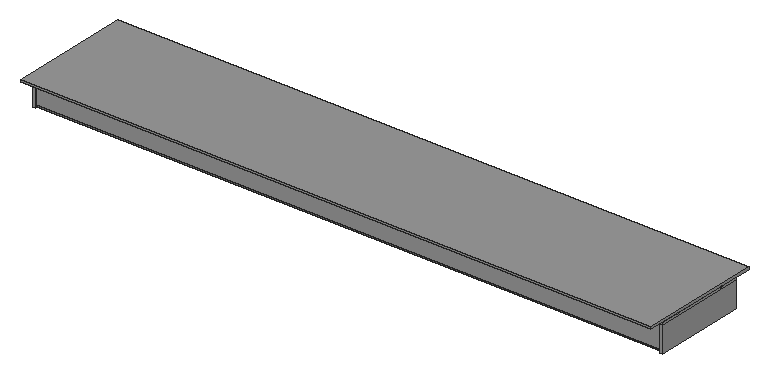
Revit family "Berica 2.2 M", category Lighting Fixtures, Revit 2020 (continued)
Definition of nested family "Light Source Berica 2.2"
  Types (4, lengths in mm): name | Photometric Web File | built-in parameter 1150142
       103.48 118.07 134.73 152.03 \r\n172.85 195.28 233.13 280.79 324.20 364.41 401.98 432.56 \r\n470.30 514.48 560.80 610.23 654.72 698.28 737.81 771.79 \r\n804.48 838.17 873.26 909.32 941.89 975.91 1007.88 1041.10 \r\n1073.54 1106.26 1136.67 1168.88 1199.10 1230.37 1263.12 \r\n1293.16 1321.84 1346.90 1374.25 1397.68 1422.01 1444.60 \r\n1466.87 1484.98 1498.67 1509.52 1518.34 1523.51 \r\n1523.51 1517.70 1509.34 1496.71 1480.32 1460.70 1436.52 \r\n1410.82 1384.98 1358.58 1331.18 1300.33 1272.08 1235.39 \r\n1206.19 1170.78 1138.96 1104.41 1072.04 1037.48 1007.64 \r\n974.27 939.60 903.39 866.14 835.20 800.10 767.70 724.48 \r\n678.83 630.87 583.01 531.20 484.01 445.41 412.79 369.80 \r\n323.61 278.09 221.93 189.48 167.02 148.46 129.54 114.36 \r\n99.57 88.39 77.67 68.59 59.62 52.47 46.67 41.41 36.64 \r\n32.44 28.14 23.27 19.25 14.37 10.23 5.48 0.72 0.16 0.11 \r\n0.07 0.06 0.06 0.06 0.06 0.06 0.06 0.06 0.06 0.06 0.06 \r\n0.06 0.06 0.06 0.06 0.06 0.06 0.06 0.06 0.07 0.07 0.07 \r\n0.07 0.07 0.07 0.07 0.07 0.07 0.07 0.07 0.07 0.07 0.07 \r\n0.07 0.06 0.06 0.06 0.06 0.06 0.06 0.06 0.06 0.06 0.06 \r\n0.06 0.06 0.06 0.06 0.06 0.06 0.06 0.06 0.07 0.11 0.16 \r\n0.72 5.48 10.23 14.37 19.25 23.27 28.14 32.44 36.64 41.41 \r\n46.67 52.47 59.62 68.59 77.67 88.39 99.57 114.36 129.54 \r\n148.46 167.02 189.48 221.93 278.09 323.61 369.80 412.79 \r\n445.41 484.01 531.20 583.01 630.87 678.83 724.48 767.70 \r\n800.10 835.20 866.14 903.39 939.60 974.27 1007.64 1037.48 \r\n1072.04 1104.41 1138.96 1170.78 1206.19 1235.39 1272.08 \r\n1300.33 1331.18 1358.58 1384.98 1410.82 1436.52 1460.70 \r\n1480.32 1496.71 1509.34 1517.70 1523.51 \r\n1523.51 1516.69 1507.02 1494.44 1477.06 1455.14 1427.95 \r\n1401.16 1373.98 1342.91 1315.28 1282.36 1250.14 1216.23 \r\n1181.32 1146.19 1113.20 1079.82 1045.27 1012.25 976.62 \r\n940.62 905.00 868.13 835.14 804.13 762.89 720.74 666.88 \r\n618.32 565.12 512.82 470.81 434.14 392.02 344.66 288.90 \r\n237.14 194.58 170.15 150.91 132.64 115.84 101.83 89.14 \r\n79.26 69.70 61.03 53.78 48.12 43.04 38.13 34.03 29.71 \r\n25.19 21.04 16.61 12.11 7.66 2.49 0.19 0.13 0.08 0.06 \r\n0.05 0.05 0.05 0.05 0.05 0.05 0.05 0.05 0.05 0.05 0.05 \r\n0.05 0.05 0.05 0.05 0.05 0.05 0.06 0.06 0.06 0.06 0.06 \r\n0.06 0.06 0.06 0.06 0.06 0.06 0.06 0.06 0.06 0.06 0.06 \r\n0.06 0.06 0.06 0.05 0.05 0.05 0.05 0.05 0.05 0.05 0.05 \r\n0.05 0.05 0.05 0.05 0.05 0.05 0.05 0.05 0.05 0.06 0.08 \r\n0.13 0.19 2.49 7.66 12.11 16.61 21.04 25.19 29.71 34.03 \r\n38.13 43.04 48.12 53.78 61.03 69.70 79.26 89.14 101.83 \r\n115.84 132.64 150.91 170.15 194.58 237.14 288.90 344.66 \r\n392.02 434.14 470.81 512.82 565.12 618.32 666.88 720.74 \r\n762.89 804.13 835.14 868.13 905.00 940.62 976.62 1012.25 \r\n1045.27 1079.82 1113.20 1146.19 1181.32 1216.23 1250.14 \r\n1282.36 1315.28 1342.91 1373.98 1401.16 1427.95 1455.14 \r\n1477.06 1494.44 1507.02 1516.69 1523.51 \r\n1523.51 1516.65 1505.48 1492.62 1473.05 1448.96 1419.90 \r\n1393.17 1362.78 1334.94 1299.28 1267.34 1231.28 1194.99 \r\n1159.22 1125.63 1087.93 1056.77 1021.33 985.34 948.15 \r\n910.78 875.80 841.23 811.30 768.82 720.37 667.88 616.78 \r\n559.15 504.72 466.46 426.63 377.43 325.22 264.27 210.85 \r\n181.95 158.44 140.60 121.58 107.76 93.79 83.46 73.58 \r\n65.22 57.06 50.76 45.16 40.69 36.48 32.38 28.14 23.48 \r\n19.49 15.17 10.82 6.05 1.10 0.15 0.11 0.07 0.06 0.05 0.05 \r\n0.05 0.05 0.05 0.05 0.05 0.05 0.05 0.05 0.05 0.06 0.06 \r\n0.06 0.06 0.06 0.06 0.06 0.06 0.06 0.06 0.07 0.07 0.07 \r\n0.07 0.07 0.07 0.07 0.07 0.07 0.07 0.07 0.07 0.07 0.06 \r\n0.06 0.06 0.06 0.06 0.06 0.06 0.06 0.06 0.06 0.05 0.05 \r\n0.05 0.05 0.05 0.05 0.05 0.05 0.05 0.05 0.05 0.06 0.07 \r\n0.11 0.15 1.10 6.05 10.82 15.17 19.49 23.48 28.14 32.38 \r\n36.48 40.69 45.16 50.76 57.06 65.22 73.58 83.46 93.79 \r\n107.76 121.58 140.60 158.44 181.95 210.85 264.27 325.22 \r\n377.43 426.63 466.46 504.72 559.15 616.78 667.88 720.37 \r\n768.82 811.30 841.23 875.80 910.78 948.15 985.34 1021.33 \r\n1056.77 1087.93 1125.63 1159.22 1194.99 1231.28 1267.34 \r\n1299.28 1334.94 1362.78 1393.17 1419.90 1448.96 1473.05 \r\n1492.62 1505.48 1516.65 1523.51 \r\n1523.51 1515.91 1505.93 1490.45 1469.80 1443.18 1413.03 \r\n1384.64 1354.41 1324.05 1287.79 1253.80 1217.73 1183.22 \r\n1142.89 1108.13 1070.23 1036.95 1000.22 964.63 927.34 \r\n889.50 857.42 821.38 783.94 730.71 678.47 619.49 562.97 \r\n509.77 470.92 427.07 374.49 325.30 253.92 207.28 175.50 \r\n154.50 134.93 118.24 103.28 91.80 80.95 71.68 63.35 55.49 \r\n49.80 44.45 39.92 35.75 31.82 27.39 23.42 18.85 14.86 \r\n10.29 5.74 0.76 0.15 0.10 0.07 0.06 0.06 0.06 0.06 0.06 \r\n0.06 0.06 0.06 0.06 0.06 0.06 0.06 0.06 0.07 0.07 0.07 \r\n0.07 0.08 0.08 0.08 0.08 0.08 0.09 0.09 0.09 0.09 0.09 \r\n0.09 0.09 0.10 0.09 0.09 0.09 0.09 0.09 0.09 0.09 0.08 \r\n0.08 0.08 0.08 0.08 0.07 0.07 0.07 0.07 0.06 0.06 0.06 \r\n0.06 0.06 0.06 0.06 0.06 0.06 0.06 0.06 0.06 0.06 0.07 \r\n0.10 0.15 0.76 5.74 10.29 14.86 18.85 23.42 27.39 31.82 \r\n35.75 39.92 44.45 49.80 55.49 63.35 71.68 80.95 91.80 \r\n103.28 118.24 134.93 154.50 175.50 207.28 253.92 325.30 \r\n374.49 427.07 470.92 509.77 562.97 619.49 678.47 730.71 \r\n783.94 821.38 857.42 889.50 927.34 964.63 1000.22 1036.95 \r\n1070.23 1108.13 1142.89 1183.22 1217.73 1253.80 1287.79 \r\n1324.05 1354.41 1384.64 1413.03 1443.18 1469.80 1490.45 \r\n1505.93 1515.91 1523.51 \r\n1523.51 1516.60 1504.15 1489.48 1467.16 1438.02 1408.53 \r\n1379.36 1347.65 1314.20 1277.16 1242.93 1205.06 1167.61 \r\n1129.65 1090.84 1056.42 1019.40 984.59 944.83 908.12 \r\n870.22 840.30 799.83 750.49 699.85 642.04 580.25 519.97 \r\n482.52 438.53 384.25 330.38 262.42 205.22 177.00 153.39 \r\n135.07 117.05 103.49 90.94 80.77 71.30 62.78 55.23 49.48 \r\n44.62 39.91 35.81 31.82 27.74 23.29 19.48 15.28 10.86 \r\n5.99 0.86 0.15 0.10 0.08 0.06 0.06 0.06 0.06 0.06 0.06 \r\n0.06 0.06 0.07 0.07 0.07 0.08 0.08 0.08 0.09 0.09 0.10 \r\n0.10 0.11 0.12 0.12 0.13 0.13 0.14 0.14 0.15 0.15 0.16 \r\n0.16 0.16 0.16 0.16 0.16 0.16 0.15 0.15 0.14 0.14 0.13 \r\n0.13 0.12 0.12 0.11 0.10 0.10 0.09 0.09 0.08 0.08 0.08 \r\n0.07 0.07 0.07 0.06 0.06 0.06 0.06 0.06 0.06 0.06 0.06 \r\n0.08 0.10 0.15 0.86 5.99 10.86 15.28 19.48 23.29 27.74 \r\n31.82 35.81 39.91 44.62 49.48 55.23 62.78 71.30 80.77 \r\n90.94 103.49 117.05 135.07 153.39 177.00 205.22 262.42 \r\n330.38 384.25 438.53 482.52 519.97 580.25 642.04 699.85 \r\n750.49 799.83 840.30 870.22 908.12 944.83 984.59 1019.40 \r\n1056.42 1090.84 1129.65 1167.61 1205.06 1242.93 1277.16 \r\n1314.20 1347.65 1379.36 1408.53 1438.02 1467.16 1489.48 \r\n1504.15 1516.60 1523.51 \r\n1523.51 1516.06 1504.59 1487.52 1464.61 1435.51 1405.36 \r\n1377.42 1342.62 1308.49 1271.47 1234.74 1196.42 1158.84 \r\n1119.71 1081.96 1043.90 1008.78 968.79 930.70 894.34 \r\n858.83 826.64 779.97 728.28 668.11 609.98 547.11 500.68 \r\n458.58 408.11 351.94 285.96 222.33 183.22 161.02 139.88 \r\n122.09 106.55 94.08 82.76 74.39 64.99 57.25 50.57 45.60 \r\n41.21 36.93 33.13 29.10 24.67 20.57 16.96 12.01 7.94 2.03 \r\n0.16 0.11 0.09 0.07 0.07 0.06 0.07 0.07 0.07 0.07 0.07 \r\n0.07 0.08 0.08 0.09 0.09 0.10 0.11 0.12 0.13 0.14 0.16 \r\n0.17 0.19 0.21 0.22 0.24 0.25 0.27 0.28 0.29 0.30 0.30 \r\n0.30 0.31 0.30 0.30 0.30 0.29 0.28 0.27 0.25 0.24 0.22 \r\n0.21 0.19 0.17 0.16 0.14 0.13 0.12 0.11 0.10 0.09 0.09 \r\n0.08 0.08 0.07 0.07 0.07 0.07 0.07 0.07 0.06 0.07 0.07 \r\n0.09 0.11 0.16 2.03 7.94 12.01 16.96 20.57 24.67 29.10 \r\n33.13 36.93 41.21 45.60 50.57 57.25 64.99 74.39 82.76 \r\n94.08 106.55 122.09 139.88 161.02 183.22 222.33 285.96 \r\n351.94 408.11 458.58 500.68 547.11 609.98 668.11 728.28 \r\n779.97 826.64 858.83 894.34 930.70 968.79 1008.78 1043.90 \r\n1081.96 1119.71 1158.84 1196.42 1234.74 1271.47 1308.49 \r\n1342.62 1377.42 1405.36 1435.51 1464.61 1487.52 1504.59 \r\n1516.06 1523.51 \r\n1523.51 1515.95 1503.70 1488.12 1463.64 1434.81 1403.25 \r\n1372.40 1339.52 1302.51 1267.15 1228.71 1191.82 1149.91 \r\n1113.07 1073.14 1037.52 999.80 961.87 922.10 883.38 \r\n851.25 814.00 766.75 708.39 653.26 587.43 527.94 483.96 \r\n439.77 379.09 324.50 250.01 198.86 169.80 149.52 130.48 \r\n112.81 99.60 87.48 78.11 68.72 60.00 53.26 47.78 42.90 \r\n38.89 34.75 30.98 26.79 22.47 18.73 14.74 10.16 5.07 0.44 \r\n0.13 0.11 0.09 0.08 0.07 0.07 0.08 0.08 0.08 0.08 0.09 \r\n0.09 0.10 0.10 0.11 0.13 0.14 0.16 0.18 0.20 0.22 0.24 \r\n0.26 0.29 0.31 0.33 0.35 0.36 0.38 0.39 0.39 0.40 0.40 \r\n0.41 0.41 0.41 0.40 0.40 0.39 0.39 0.38 0.36 0.35 0.33 \r\n0.31 0.29 0.26 0.24 0.22 0.20 0.18 0.16 0.14 0.13 0.11 \r\n0.10 0.10 0.09 0.09 0.08 0.08 0.08 0.08 0.07 0.07 0.08 \r\n0.09 0.11 0.13 0.44 5.07 10.16 14.74 18.73 22.47 26.79 \r\n30.98 34.75 38.89 42.90 47.78 53.26 60.00 68.72 78.11 \r\n87.48 99.60 112.81 130.48 149.52 169.80 198.86 250.01 \r\n324.50 379.09 439.77 483.96 527.94 587.43 653.26 708.39 \r\n766.75 814.00 851.25 883.38 922.10 961.87 999.80 1037.52 \r\n1073.14 1113.07 1149.91 1191.82 1228.71 1267.15 1302.51 \r\n1339.52 1372.40 1403.25 1434.81 1463.64 1488.12 1503.70 \r\n1515.95 1523.51 \r\n1523.51 1516.64 1505.57 1486.94 1463.83 1431.70 1402.13 \r\n1369.83 1336.58 1300.56 1266.00 1226.98 1187.47 1148.82 \r\n1109.33 1069.44 1033.76 994.68 956.24 916.70 878.14 \r\n846.87 805.52 754.77 700.60 639.65 576.82 518.75 474.22 \r\n426.90 369.58 307.13 235.18 191.06 163.25 142.93 123.81 \r\n108.69 95.26 84.82 74.62 66.09 57.72 51.18 46.08 41.49 \r\n37.36 33.47 29.80 25.33 21.46 17.67 13.26 8.78 3.38 0.32 \r\n0.13 0.11 0.09 0.08 0.08 0.08 0.08 0.08 0.09 0.09 0.10 \r\n0.10 0.11 0.13 0.14 0.16 0.19 0.22 0.25 0.27 0.29 0.31 \r\n0.33 0.35 0.37 0.38 0.40 0.41 0.41 0.42 0.41 0.42 0.41 \r\n0.42 0.41 0.42 0.41 0.42 0.41 0.42 0.41 0.41 0.40 0.38 \r\n0.37 0.35 0.33 0.31 0.29 0.27 0.25 0.22 0.19 0.16 0.14 \r\n0.13 0.11 0.10 0.10 0.09 0.09 0.08 0.08 0.08 0.08 0.08 \r\n0.09 0.11 0.13 0.32 3.38 8.78 13.26 17.67 21.46 25.33 \r\n29.80 33.47 37.36 41.49 46.08 51.18 57.72 66.09 74.62 \r\n84.82 95.26 108.69 123.81 142.93 163.25 191.06 235.18 \r\n307.13 369.58 426.90 474.22 518.75 576.82 639.65 700.60 \r\n754.77 805.52 846.87 878.14 916.70 956.24 994.68 1033.76 \r\n1069.44 1109.33 1148.82 1187.47 1226.98 1266.00 1300.56 \r\n1336.58 1369.83 1402.13 1431.70 1463.83 1486.94 1505.57 \r\n1516.64 1523.51 \r\n1523.51 1514.15 1502.10 1483.65 1455.22 1426.22 1393.05 \r\n1360.59 1328.90 1293.13 1254.09 1214.63 1172.83 1130.19 \r\n1097.30 1052.96 1020.07 981.04 940.51 902.83 865.62 \r\n834.46 784.00 733.19 674.42 610.96 540.88 500.76 451.59 \r\n399.88 339.62 265.88 206.44 174.50 154.51 132.93 116.37 \r\n101.42 89.23 78.80 69.50 61.55 54.45 48.18 43.67 39.03 \r\n35.33 31.73 27.20 23.38 19.44 15.41 10.91 6.37 0.44 0.16 \r\n0.13 0.12 0.10 0.10 0.10 0.11 0.11 0.12 0.12 0.13 0.14 \r\n0.16 0.18 0.21 0.25 0.30 0.35 0.39 0.41 0.42 0.43 0.44 \r\n0.45 0.46 0.47 0.47 0.47 0.47 0.47 0.46 0.46 0.45 0.45 \r\n0.45 0.45 0.45 0.45 0.45 0.46 0.46 0.47 0.47 0.47 0.47 \r\n0.47 0.46 0.45 0.44 0.43 0.42 0.41 0.39 0.35 0.30 0.25 \r\n0.21 0.18 0.16 0.14 0.13 0.12 0.12 0.11 0.11 0.10 0.10 \r\n0.10 0.12 0.13 0.16 0.44 6.37 10.91 15.41 19.44 23.38 \r\n27.20 31.73 35.33 39.03 43.67 48.18 54.45 61.55 69.50 \r\n78.80 89.23 101.42 116.37 132.93 154.51 174.50 206.44 \r\n265.88 339.62 399.88 451.59 500.76 540.88 610.96 674.42 \r\n733.19 784.00 834.46 865.62 902.83 940.51 981.04 1020.07 \r\n1052.96 1097.30 1130.19 1172.83 1214.63 1254.09 1293.13 \r\n1328.90 1360.59 1393.05 1426.22 1455.22 1483.65 1502.10 \r\n1514.15 1523.51 \r\n1523.51 1516.64 1505.57 1486.94 1463.83 1431.70 1402.13 \r\n1369.83 1336.58 1300.56 1266.00 1226.98 1187.47 1148.82 \r\n1109.33 1069.44 1033.76 994.68 956.24 916.70 878.14 \r\n846.87 805.52 754.77 700.60 639.65 576.82 518.75 474.22 \r\n426.90 369.58 307.13 235.18 191.06 163.25 142.93 123.81 \r\n108.69 95.26 84.82 74.62 66.09 57.72 51.18 46.08 41.49 \r\n37.36 33.47 29.80 25.33 21.46 17.67 13.26 8.78 3.38 0.32 \r\n0.13 0.11 0.09 0.08 0.08 0.08 0.08 0.08 0.09 0.09 0.10 \r\n0.10 0.11 0.13 0.14 0.16 0.19 0.22 0.25 0.27 0.29 0.31 \r\n0.33 0.35 0.37 0.38 0.40 0.41 0.41 0.42 0.41 0.42 0.41 \r\n0.42 0.41 0.42 0.41 0.42 0.41 0.42 0.41 0.41 0.40 0.38 \r\n0.37 0.35 0.33 0.31 0.29 0.27 0.25 0.22 0.19 0.16 0.14 \r\n0.13 0.11 0.10 0.10 0.09 0.09 0.08 0.08 0.08 0.08 0.08 \r\n0.09 0.11 0.13 0.32 3.38 8.78 13.26 17.67 21.46 25.33 \r\n29.80 33.47 37.36 41.49 46.08 51.18 57.72 66.09 74.62 \r\n84.82 95.26 108.69 123.81 142.93 163.25 191.06 235.18 \r\n307.13 369.58 426.90 474.22 518.75 576.82 639.65 700.60 \r\n754.77 805.52 846.87 878.14 916.70 956.24 994.68 1033.76 \r\n1069.44 1109.33 1148.82 1187.47 1226.98 1266.00 1300.56 \r\n1336.58 1369.83 1402.13 1431.70 1463.83 1486.94 1505.57 \r\n1516.64 1523.51 \r\n1523.51 1515.95 1503.70 1488.12 1463.64 1434.81 1403.25 \r\n1372.40 1339.52 1302.51 1267.15 1228.71 1191.82 1149.91 \r\n1113.07 1073.14 1037.52 999.80 961.87 922.10 883.38 \r\n851.25 814.00 766.75 708.39 653.26 587.43 527.94 483.96 \r\n439.77 379.09 324.50 250.01 198.86 169.80 149.52 130.48 \r\n112.81 99.60 87.48 78.11 68.72 60.00 53.26 47.78 42.90 \r\n38.89 34.75 30.98 26.79 22.47 18.73 14.74 10.16 5.07 0.44 \r\n0.13 0.11 0.09 0.08 0.07 0.07 0.08 0.08 0.08 0.08 0.09 \r\n0.09 0.10 0.10 0.11 0.13 0.14 0.16 0.18 0.20 0.22 0.24 \r\n0.26 0.29 0.31 0.33 0.35 0.36 0.38 0.39 0.39 0.40 0.40 \r\n0.41 0.41 0.41 0.40 0.40 0.39 0.39 0.38 0.36 0.35 0.33 \r\n0.31 0.29 0.26 0.24 0.22 0.20 0.18 0.16 0.14 0.13 0.11 \r\n0.10 0.10 0.09 0.09 0.08 0.08 0.08 0.08 0.07 0.07 0.08 \r\n0.09 0.11 0.13 0.44 5.07 10.16 14.74 18.73 22.47 26.79 \r\n30.98 34.75 38.89 42.90 47.78 53.26 60.00 68.72 78.11 \r\n87.48 99.60 112.81 130.48 149.52 169.80 198.86 250.01 \r\n324.50 379.09 439.77 483.96 527.94 587.43 653.26 708.39 \r\n766.75 814.00 851.25 883.38 922.10 961.87 999.80 1037.52 \r\n1073.14 1113.07 1149.91 1191.82 1228.71 1267.15 1302.51 \r\n1339.52 1372.40 1403.25 1434.81 1463.64 1488.12 1503.70 \r\n1515.95 1523.51 \r\n1523.51 1516.06 1504.59 1487.52 1464.61 1435.51 1405.36 \r\n1377.42 1342.62 1308.49 1271.47 1234.74 1196.42 1158.84 \r\n1119.71 1081.96 1043.90 1008.78 968.79 930.70 894.34 \r\n858.83 826.64 779.97 728.28 668.11 609.98 547.11 500.68 \r\n458.58 408.11 351.94 285.96 222.33 183.22 161.02 139.88 \r\n122.09 106.55 94.08 82.76 74.39 64.99 57.25 50.57 45.60 \r\n41.21 36.93 33.13 29.10 24.67 20.57 16.96 12.01 7.94 2.03 \r\n0.16 0.11 0.09 0.07 0.07 0.06 0.07 0.07 0.07 0.07 0.07 \r\n0.07 0.08 0.08 0.09 0.09 0.10 0.11 0.12 0.13 0.14 0.16 \r\n0.17 0.19 0.21 0.22 0.24 0.25 0.27 0.28 0.29 0.30 0.30 \r\n0.30 0.31 0.30 0.30 0.30 0.29 0.28 0.27 0.25 0.24 0.22 \r\n0.21 0.19 0.17 0.16 0.14 0.13 0.12 0.11 0.10 0.09 0.09 \r\n0.08 0.08 0.07 0.07 0.07 0.07 0.07 0.07 0.06 0.07 0.07 \r\n0.09 0.11 0.16 2.03 7.94 12.01 16.96 20.57 24.67 29.10 \r\n33.13 36.93 41.21 45.60 50.57 57.25 64.99 74.39 82.76 \r\n94.08 106.55 122.09 139.88 161.02 183.22 222.33 285.96 \r\n351.94 408.11 458.58 500.68 547.11 609.98 668.11 728.28 \r\n779.97 826.64 858.83 894.34 930.70 968.79 1008.78 1043.90 \r\n1081.96 1119.71 1158.84 1196.42 1234.74 1271.47 1308.49 \r\n1342.62 1377.42 1405.36 1435.51 1464.61 1487.52 1504.59 \r\n1516.06 1523.51 \r\n1523.51 1516.60 1504.15 1489.48 1467.16 1438.02 1408.53 \r\n1379.36 1347.65 1314.20 1277.16 1242.93 1205.06 1167.61 \r\n1129.65 1090.84 1056.42 1019.40 984.59 944.83 908.12 \r\n870.22 840.30 799.83 750.49 699.85 642.04 580.25 519.97 \r\n482.52 438.53 384.25 330.38 262.42 205.22 177.00 153.39 \r\n135.07 117.05 103.49 90.94 80.77 71.30 62.78 55.23 49.48 \r\n44.62 39.91 35.81 31.82 27.74 23.29 19.48 15.28 10.86 \r\n5.99 0.86 0.15 0.10 0.08 0.06 0.06 0.06 0.06 0.06 0.06 \r\n0.06 0.06 0.07 0.07 0.07 0.08 0.08 0.08 0.09 0.09 0.10 \r\n0.10 0.11 0.12 0.12 0.13 0.13 0.14 0.14 0.15 0.15 0.16 \r\n0.16 0.16 0.16 0.16 0.16 0.16 0.15 0.15 0.14 0.14 0.13 \r\n0.13 0.12 0.12 0.11 0.10 0.10 0.09 0.09 0.08 0.08 0.08 \r\n0.07 0.07 0.07 0.06 0.06 0.06 0.06 0.06 0.06 0.06 0.06 \r\n0.08 0.10 0.15 0.86 5.99 10.86 15.28 19.48 23.29 27.74 \r\n31.82 35.81 39.91 44.62 49.48 55.23 62.78 71.30 80.77 \r\n90.94 103.49 117.05 135.07 153.39 177.00 205.22 262.42 \r\n330.38 384.25 438.53 482.52 519.97 580.25 642.04 699.85 \r\n750.49 799.83 840.30 870.22 908.12 944.83 984.59 1019.40 \r\n1056.42 1090.84 1129.65 1167.61 1205.06 1242.93 1277.16 \r\n1314.20 1347.65 1379.36 1408.53 1438.02 1467.16 1489.48 \r\n1504.15 1516.60 1523.51 \r\n1523.51 1515.91 1505.93 1490.45 1469.80 1443.18 1413.03 \r\n1384.64 1354.41 1324.05 1287.79 1253.80 1217.73 1183.22 \r\n1142.89 1108.13 1070.23 1036.95 1000.22 964.63 927.34 \r\n889.50 857.42 821.38 783.94 730.71 678.47 619.49 562.97 \r\n509.77 470.92 427.07 374.49 325.30 253.92 207.28 175.50 \r\n154.50 134.93 118.24 103.28 91.80 80.95 71.68 63.35 55.49 \r\n49.80 44.45 39.92 35.75 
